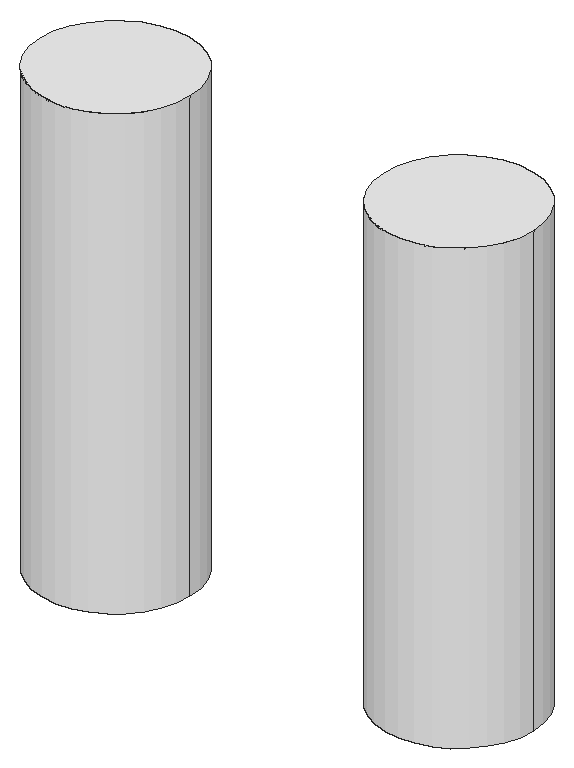
Revit family "54212209(2024)", category Plumbing Fixtures, Revit 2020
Family settings
  Round Connector Dimension = Use Diameter
  Part Type = Normal
  OmniClass Number = 23.45.55.00
  OmniClass Title = Sanitary Faucets, Wastes
  Work Plane-Based = No
  Always vertical = Yes
  Cut with Voids When Loaded = No
  Shared = No
  Room Calculation Point = No
Parameters (values of type "54212209 Kitchen faucet")
  Working Pressure = "50 - 1000 kPa"
  WarrantyStartDate [instance] = "n/a"
  WarrantyGuarantorParts = "n/a"
  WarrantyGuarantorLabor = "n/a"
  WarrantyDurationUnit = "Year"
  WarrantyDurationParts = "n/a"
  WarrantyDurationLabor = "n/a"
  WarrantyDescription = "http://warranty.hansa.com"
  Warranty Information URL = "http://warranty.hansa.com"
  VersionDate = "20/04/2024"
  Version = "1"
  ValvePattern = "n/a"
  ValveOperation = "n/a"
  ValveMechanism = "n/a"
  Uniclass2015Reference = "Pr_40_20_87_96"
  Uniclass2015Description = "Washbasin manual water supply sets"
  Uniclass2 = "Pr_40_30_96_96"
  URL WEEE = "http://static.hansa.com/WEEE/54212209"
  URL UWL = "http://static.hansa.com/UWL/54212209"
  URL REACH = "http://static.hansa.com/doc/reach"
  URL Materials Declaration = ""
  URL EcoLabel Declaration = "http://static.hansa.com/doc/EcoLabel"
  URL EU Packaging Declaration = "http://static.hansa.com/doc/packaging"
  URL Declaration of SCIP = "http://static.hansa.com/doc/SCIP"
  URL Declaration of Conformity = "http://static.hansa.com/DoC/54212209"
  URL Declaration of Asbestos = "http://static.hansa.com/doc/asbestos"
  URL Declaration Of Performance (DOP) = "http://static.hansa.com/doc/DoP"
  URL = ""
  UNSPSC Class Number = "30181700 Faucets or taps"
  Type = 0
  TestPressure = "n/a"
  Temperature Adjustments = "Limitation option for maximum temperature and flow-rate "
  Technical DataSheet URL = "http://www.hansa.com/datasheet/54212209/en"
  TagNumber [instance] = "n/a"
  SustainabilityPerformance = "n/a"
  Surface treatment = "Chrome"
  Spout Type = "Swivel spout"
  Spout Swivel Range = "120°"
  Spout Projection = "255 mm"
  Spare-Part Information URL = ""
  Size = "54x261.5x338 mm"
  Shape = "Sculptured"
  SerialNumber [instance] = "n/a"
  Sales Package dimensions (LxWxH) = "508 x 249 x 96"
  Revision = "n/a"
  ReplacementCost = "n/a"
  Protection Class = "IP 55"
  ProductInformation = "Kitchen faucet with high spout"
  Product URL = "http://static.hansa.com/54212209"
  Product Image URL = "http://static.hansa.com/image/54212209"
  Product Family = "HANSAVANTIS Style Hybrid"
  Product Code = "54212209"
  OperatingMechanismMaterial = "n/a"
  Operating Voltage = 2309 V
  Operating Distance = "0-30 mm ( 30/90/110/130 mm)"
  NominalWidth = 50 mm
  NominalHeight = 330 mm
  NominalDepth = 259 mm
  Noise Class = "I (ISO 3822)"
  Name_en = "54212209 Kitchen faucet"
  Name = "54212209 Kitchen faucet"
  NBSReference = "45-35-70/371"
  NBSDescription = "Water supply fittings for wash basins and troughs"
  Mounting Holes = ""
  ModelReference = "54212209"
  ModelNumber = "n/a"
  Model = "54212209 Kitchen faucet"
  Mobile Product Information URL = "http://mpi.hansa.com/54212209"
  Mechanical Parts = "30Cartridge"
  Max. Hot Water Supply = 70 °C
  Max Flow Period = "10 s (1-1800s)"
  Material = "Brass"
  Market = "International;Germany;Austria;Belgium;Netherlands;Czech Republic;Slovakia;Italy"
  ManufacturerURL = "http://www.hansa.com"
  ManufacturerName = "HANSA"
  Manufacturer = "HANSA"
  Lever Handle = "Single operating lever/handle;Hot/Cold symbols"
  Interactive AR View URL = "https://static.hansa.com/AR/54212209"
  InstallationDate [instance] = "n/a"
  Installation and Maintenance Guide URL = "http://static.hansa.com/manual/54212209"
  Installation Type = "Deck mounted"
  InletConnectionSize = 10 mm
  IfcExportType = "FAUCET"  # constant formula
  IfcExportAs = "IfcValveType"  # constant formula
  Group = "Kitchen faucet"
  Grade = "n/a"
  FlowCoefficient = 0
  Flow Rate At 300kPa With Flow Controller = 0.18 L/s
  Flow Rate At 300kPa = 0.0 L/s
  Flow Drawing URL = "http://static.hansa.com/flowchart/54212209"
  Finish = "Polished"
  Features = "Hybrid Hybrid;Plug transformer;Bluetooth®"
  FaucetMainMaterial = Chrome
  FDV Document URL = "http://www.hansa.com/datasheet/54212209/en/fdv"
  ExpectedLife = "n/a"
  Electronic Parts = "Solenoid valve;Power supply"
  Electrical Connection = ""
  ETIM Class Number = "EC011431 Kitchen mixing tap"
  EN Standard = "ETSI EN 301 489-1 V1.9.2 , \nETSI EN 300 328 v2.2.2 , \nEN 61000-6-1:2007 , \nEN 61000-6-3:2007+A1:2011+AC:2012 , \nEN 60335-1:2012+A11+A13+A1+A14+A2+A15:2021, Part 19.11.4"
  EMC Directive = "Radio Equipment Directive 2014/53/EU , \nLow Voltage Directive 2014/35/EU , \nEMC Directive 2014/30/EU , \nRoHS Directive 2011/65/EU"
  EAN Number = "4057304019890"
  DurationUnit = "Year"
  Dimension Drawing URL = "http://static.hansa.com/dimdrw/54212209"
  Description = ""
  DefaultElevation [instance] = 900 mm
  Default Elevation = 0 mm
  Constituents = "n/a"
  Connection Size = "G3/8"
  Connection = "Flexible inlet pipes"
  Color = "Chrome"
  CodePerformance = "n/a"
  CloseOffRating = 0
  Catalog Drawing URL = "http://static.hansa.com/catdrw/54212209"
  Brand = "HANSA"
  BodyMaterial = "Brass"
  Bluetooth = "5.x (D060576)"
  Barcode [instance] = "n/a"
  Backflow Prevention EN1717 = "EB"
  BIMObjectName = "54212209(2024)"
  Automatic Flush Period = "30 s (1-1800 s)"
  Automatic Flush Frequency = "30 s (1-1800 s)"
  Author = "BIMStone"
  AssetType = "Fixed"
  AssetIdentifier [instance] = "n/a"
  Aerator = "Standard aerator"
  Advanced Features = "Inner body made of DZR brass"
  AccessibilityPerformance = "n/a"
  3D View = "https://static.hansa.com/AR/54212209"
  2D/3D/BIM Files URL = "http://static.hansa.com/bim/54212209"
Types (3, lengths in mm): name | URL WEEE | URL UWL | URL Materials Declaration | URL Declaration of Conformity | Type | Technical DataSheet URL | Surface treatment | Spare-Part Information URL | Protection Class | Product URL | Product Image URL | Product Code | Operating Voltage | Name_en | Name | Mounting Holes | ModelReference | Model | Mobile Product Information URL | Mechanical Parts | Installation and Maintenance Guide URL | Flow Rate At 300kPa | Flow Drawing URL | Features | FaucetMainMaterial | FDV Document URL | Electronic Parts | Electrical Connection | EAN Number | Dimension Drawing URL | Color | Catalog Drawing URL | BIMObjectName
  54212209 Kitchen faucet | "http://static.hansa.com/WEEE/54212209" | "http://static.hansa.com/UWL/54212209" | "" | "http://static.hansa.com/DoC/54212209" | 0 | "http://www.hansa.com/datasheet/54212209/en" | "Chrome" | "" | "IP 55" | "http://static.hansa.com/54212209" | "http://static.hansa.com/image/54212209" | "54212209" | 2309 V | "54212209 Kitchen faucet" | "54212209 Kitchen faucet" | "" | "54212209" | "54212209 Kitchen faucet" | "http://mpi.hansa.com/54212209" | "30Cartridge" | "http://static.hansa.com/manual/54212209" | 0.0 L/s | "http://static.hansa.com/flowchart/54212209" | "Hybrid Hybrid;Plug transformer;Bluetooth®" | Chrome | "http://www.hansa.com/datasheet/54212209/en/fdv" | "Solenoid valve;Power supply" | "" | "4057304019890" | "http://static.hansa.com/dimdrw/54212209" | "Chrome" | "http://static.hansa.com/catdrw/54212209" | "54212209(2024)"
  5421220980 Kitchen faucet, 230/9 V, Bluetooth | "http://static.hansa.com/WEEE/5421220980" | "http://static.hansa.com/UWL/5421220980" | "http://www.hansa.com/fileadmin/resources/192987_5421220980_materialsdeclaration.pdf" | "http://static.hansa.com/DoC/5421220980" | 80 | "http://www.hansa.com/datasheet/5421220980/en" | "Brushed steel" | "http://static.hansa.com/sp/5421220980" | "IP 55 / transformer IP 20" | "http://static.hansa.com/5421220980" | "http://static.hansa.com/image/5421220980" | "5421220980" | 9 V | "5421220980 Kitchen faucet, 230/9 V, Bluetooth" | "5421220980 Kitchen faucet, 230/9 V, Bluetooth" | "1 hole" | "5421220980" | "5421220980 Kitchen faucet, 230/9 V, Bluetooth" | "http://mpi.hansa.com/5421220980" | "30EcoCartridge" | "http://static.hansa.com/manual/5421220980" | 0.18 L/s | "http://static.hansa.com/flowchart/5421220980" | "Hybrid;Plug transformer;Bluetooth®" | Brushed Steel | "http://www.hansa.com/datasheet/5421220980/en/fdv" | ";Solenoid valve;Power supply" | "230 / 9 V" | "4057304022142" | "http://static.hansa.com/dimdrw/5421220980" | "Brushed steel" | "http://static.hansa.com/catdrw/5421220980" | "5421220980(2024)"
  5421220981 Kitchen faucet, 230/9 V, Bluetooth | "http://static.hansa.com/WEEE/5421220981" | "http://static.hansa.com/UWL/5421220981" | "http://www.hansa.com/fileadmin/resources/192988_5421220981_materialsdeclaration.pdf" | "http://static.hansa.com/DoC/5421220981" | 81 | "http://www.hansa.com/datasheet/5421220981/en" | "BrushedBronze" | "http://static.hansa.com/sp/5421220981" | "IP 55 / transformer IP 20" | "http://static.hansa.com/5421220981" | "http://static.hansa.com/image/5421220981" | "5421220981" | 9 V | "5421220981 Kitchen faucet, 230/9 V, Bluetooth" | "5421220981 Kitchen faucet, 230/9 V, Bluetooth" | "1 hole" | "5421220981" | "5421220981 Kitchen faucet, 230/9 V, Bluetooth" | "http://mpi.hansa.com/5421220981" | "30EcoCartridge" | "http://static.hansa.com/manual/5421220981" | 0.18 L/s | "http://static.hansa.com/flowchart/5421220981" | "Hybrid;Plug transformer;Bluetooth®" | Brushed Bronze | "http://www.hansa.com/datasheet/5421220981/en/fdv" | ";Solenoid valve;Power supply" | "230 / 9 V" | "4057304022159" | "http://static.hansa.com/dimdrw/5421220981" | "BrushedBronze" | "http://static.hansa.com/catdrw/5421220981" | "5421220981(2024)"
Reference planes
  plane 1 "Center (Front/Back)": y = 0
  plane 2: z = 0
  plane 3 "Center (Left/Right)": x = 0
  plane 4: x = -25
  plane 5: z = 900
  plane 6: z = 870
  plane 7: x = 25
  plane 8: y = -259
  plane 9: z = 1230
  plane 10: x = 73.906
Forms (mm)
  Extrusion 1, solid, material "Chrome" <- "FaucetMainMaterial"
    sketch origin (0, 47.989, 0) x (1, 0, 0) y (0, 1, 0)
      loop
        circle (-11.5, -71.208) r 5
      loop
        circle (11.5, -71.208) r 5
    from 870 to 900
Dimensions and locks
  "DefaultElevation": plane 5 to level
  locked: plane 5 to plane 6 at 30
  equal spacing: plane 4, plane 3 "Center (Left/Right)", plane 7
  "NominalWidth": plane 4 to plane 7
  "NominalDepth": plane 8 to plane 1 "Center (Front/Back)"
  "NominalHeight": plane 9 to plane 5
  plane 4 to plane 10 = 98.906 mm
  "InletConnectionSize": diameter of Extrusion 1 sketch curve  (x2)
  aligned and locked: level to plane 2
  aligned and locked: plane 5 to Extrusion 1
  aligned and locked: Extrusion 1 to plane 6
  aligned and locked: plane 5 to nested 2
Automatic sketch dimensions
  plane 3 "Center (Left/Right)" to Extrusion 1 sketch curve = 11.5 mm
  Extrusion 1 sketch curve to plane 3 "Center (Left/Right)" = 11.5 mm
  plane 1 "Center (Front/Back)" to Extrusion 1 sketch curve = 23.219 mm  (x2)
Nested families
  nested 1: "Symbol" at (0, 0, 0), type "Symbol", detail levels coarse
  nested 2: "54212209_Body" at (0, 0, 900), Body <- "FaucetMainMaterial", Type <- "Type", type "54212209_Body"
    with Type81 no, Type80 no, Type0 yes, Type 0, Body Chrome
Connectors
  piping at (-11.5, -23.219, 870), diameter 10, driven by "InletConnectionSize"
    settings: on Extrusion 1, index 1, connector inside diameter 609.6 mm, connector length 0 mm, flow factor 0, pipe flow 0.0 L/s, pressure drop 0.0 Pa, fitting loss kfactor 0, connector angle 0.00°, fixture units 0, engagement length 0 mm, angle of deflection 0.00°, flow configuration 1, flow direction 1, fitting loss method 0, system type 19, joint type 0, gender type 0, connector reference index -1, connector utility 0, adjustable connector no, is connector primary yes, connector description ""
  piping at (11.5, -23.219, 870), diameter 10, driven by "InletConnectionSize"
    settings: on Extrusion 1, index 2, connector inside diameter 609.6 mm, connector length 0 mm, flow factor 0, pipe flow 0.0 L/s, pressure drop 0.0 Pa, fitting loss kfactor 0, connector angle 0.00°, fixture units 0, engagement length 0 mm, angle of deflection 0.00°, flow configuration 1, flow direction 1, fitting loss method 0, system type 20, joint type 0, gender type 0, connector reference index -1, connector utility 0, adjustable connector no, is connector primary no, connector description ""
Definition of nested family "Symbol"
  Reference planes
    plane 1: y = 0
    plane 2: x = 0
  Lines and regions (mm)
    detail lines
      curve 1: line (0, 0, 0) -> (0, -1.8, 0)
      curve 2: line (-0.4, -1.1, 0) -> (0.4, -1.1, 0)
      curve 3: line (-0.4, -1.4, 0) -> (0.4, -1.4, 0)
      curve 4: line (0.863, 0, 0) -> (-0.863, 0, 0)
      curve 5: circle (-1.163, 0, 0) r 0.3 normal (0, 0, -1)
      curve 6: circle (1.163, 0, 0) r 0.3 normal (0, 0, 1)
Definition of nested family "54212209_Body"
  Parameters (values of type "54212209_Body")
    Type81 [instance] = Type = 81  # no
    Type80 [instance] = Type = 80  # no
    Type0 [instance] = Type = 0  # yes
    Type [instance] = 0
    Default Elevation = 0 mm
    Body [instance] = none
  Reference planes
    plane 1 "Center (Front/Back)": y = 0
    plane 2: z = 0
    plane 3 "Center (Left/Right)": x = 0
    plane 4: y = -259.041
    plane 5: z = 329.978
    plane 6: x = 73.906
    plane 7: x = -25.016
    plane 8: x = 25.016
  Forms (mm)
    Revolve 1, solid, material <- "Body", detail levels medium
      sketch origin (0, -25.106, 0) x (1, 0, 0) y (0, 0, 1)
        loop
          line (0, 0) -> (0, 119.955) -> (0, 155.995) -> (-12.03, 155.995)
          arc (-12.03, 155.995) -> (-13.262, 151.035) -> (-15.793, 146.595) r 18.682
          arc (-15.793, 146.595) -> (-19.386, 139.881) -> (-20.627, 132.367) r 23.353
          line (-20.627, 132.367) -> (-20.627, 4.978) -> (-23.539, 4.978)
          arc (-23.539, 4.978) -> (-24.583, 4.546) -> (-25.016, 3.501) r 1.477
          line (-25.016, 3.501) -> (-25.016, 0) -> (-23.227, 0) -> (0, 0)
        axis (0, 155.995) -> (0, 0)
      angle from 0 to 360
    Sweep 2, solid, material <- "Body", detail levels medium
      path origin (0, 0, 0) x (0, 1, 0) y (0, 0, 1)
        loop
          line (-24.168, 155.995) -> (-24.168, 287.084)
          arc (-24.168, 287.084) -> (-33.329, 309.199) -> (-55.444, 318.36) r 31.276
          line (-55.444, 318.36) -> (-213.11, 318.36)
          arc (-213.11, 318.36) -> (-233.231, 311.333) -> (-244.604, 293.308) r 32.323
          line (-244.604, 293.308) -> (-247.493, 280.796)
      profile origin (0, -24.168, 221.54) x (0, -1, 0) y (1, 0, 0)
        loop
          circle (0.937, 0) r 12.03
    Extrusion 3, solid, material <- "Body", detail levels medium
      sketch origin (0, -1.875, 5.625) x (0, 1, 0) y (0, 0, 1)
        loop
          circle (-23.35, 63.254) r 20
      from 0 to 73.906
    Revolve 4, solid, material <- "Body", detail levels medium
      sketch origin (68.39, -1.875, 5.625) x (0, 1, 0) y (0, 0, 1)
        loop
          line (-63.264, 132.518) -> (-30.764, 76.226) -> (-26.236, 78.84) -> (-57.737, 133.4)
          arc (-57.737, 133.4) -> (-58.951, 134.332) -> (-60.467, 134.132) r 1.999
          line (-60.467, 134.132) -> (-63.264, 132.518)
        axis (-63.264, 132.518) -> (-30.764, 76.226)
      angle from 0 to 360
    Extrusion 5, solid, material <- "Body", detail levels coarse
      sketch origin (0, 0, 0) x (1, 0, 0) y (0, 1, 0)
        loop
          line (-25.016, 0) -> (-25.016, -259.041) -> (73.906, -259.041) -> (73.906, 0) -> (-25.016, 0)
      from 0 to 329.978
    Extrusion 6, solid, material <- "Body", detail levels medium
      sketch origin (0, 0, 0) x (1, 0, 0) y (0, 0, 1)
        loop
          line (-5.828, 113.626) -> (-5.828, 101.524)
          arc (-5.828, 101.524) -> (0, 95.697) -> (5.828, 101.524) r 5.828
          line (5.828, 101.524) -> (5.828, 113.626)
          arc (5.828, 113.626) -> (0, 119.453) -> (-5.828, 113.626) r 5.828
      from 42.807 to 45.958
    Extrusion 7, void
      sketch origin (0, 0, 0) x (1, 0, 0) y (0, 0, 1)
        loop
          line (-5.828, 113.626) -> (-5.828, 101.524)
          arc (-5.828, 101.524) -> (0, 95.697) -> (5.828, 101.524) r 5.828
          line (5.828, 101.524) -> (5.828, 113.626)
          arc (5.828, 113.626) -> (0, 119.453) -> (-5.828, 113.626) r 5.828
      from 42.807 to 45.958
  Cuts and joins
    Extrusion 7 cuts Revolve 1
    joined: Revolve 1, Sweep 2, Extrusion 3, Revolve 4
  Lines and regions (mm)
    symbolic lines, detail levels medium+fine
      curve 1: line (0, 0, 0) -> (-25.016, 0, 0)
      curve 2: line (-11.88, 0, 318.671) -> (-11.88, 0, 156.039)
      curve 3: arc (0, 0, 329.964) -> (-8.363, 0, 326.867) -> (-11.88, 0, 318.671) r 11.307
      curve 4: line (0, 0, 0) -> (25.016, 0, 0)
      curve 5: line (11.88, 0, 318.671) -> (11.88, 0, 156.039)
      curve 6: arc (0, 0, 329.964) -> (8.363, 0, 326.867) -> (11.88, 0, 318.671) r 11.307
      curve 7: line (41.194, 0, 47.358) -> (27.225, 0, 47.358)
      curve 8: line (41.194, 0, 47.358) -> (41.194, 0, 48.505)
      curve 9: line (41.194, 0, 89.354) -> (26.3, 0, 89.354)
      curve 10: line (41.194, 0, 48.505) -> (43.515, 0, 49.171)
      curve 11: arc (43.515, 0, 49.171) -> (45.054, 0, 49.727) -> (46.503, 0, 50.486) r 12.11
      curve 13: line (72.352, 0, 47.387) -> (49.555, 0, 47.387)
      curve 14: arc (49.555, 0, 47.387) -> (48.783, 0, 47.572) -> (48.179, 0, 48.085) r 1.706
      curve 15: arc (48.179, 0, 48.085) -> (47.327, 0, 49.276) -> (46.503, 0, 50.486) r 63.042
      curve 16: arc (73.906, 0, 49.028) -> (73.482, 0, 47.873) -> (72.352, 0, 47.387) r 1.556
      curve 17: line (73.906, 0, 49.028) -> (73.906, 0, 135.708)
      curve 18: arc (73.906, 0, 135.708) -> (73.209, 0, 137.835) -> (71.387, 0, 139.135) r 3.591
      curve 19: arc (71.387, 0, 139.135) -> (68.253, 0, 139.524) -> (65.183, 0, 138.788) r 8.849
      curve 20: arc (65.183, 0, 138.788) -> (63.79, 0, 137.527) -> (63.431, 0, 135.683) r 2.975
      curve 21: line (63.431, 0, 135.683) -> (62.93, 0, 91.848)
      curve 22: line (43.166, 0, 89.375) -> (61.286, 0, 89.375)
      curve 23: arc (62.93, 0, 91.848) -> (62.871, 0, 91.088) -> (62.715, 0, 90.342) r 5.846
      curve 24: arc (62.715, 0, 90.342) -> (62.178, 0, 89.596) -> (61.286, 0, 89.375) r 1.334
      curve 25: line (43.166, 0, 89.375) -> (43.166, 0, 87.583)
      curve 28: line (43.166, 0, 87.583) -> (41.194, 0, 88.149)
      curve 29: line (41.194, 0, 88.149) -> (41.194, 0, 89.354)
      curve 32: arc (-11.579, -248.462, 0) -> (-8.121, -256.304, 0) -> (0, -259.041, 0) r 10.623
      curve 36: arc (11.579, -248.462, 0) -> (8.121, -256.304, 0) -> (0, -259.041, 0) r 10.623
      curve 39: line (41.2, -45.948, 0) -> (15.824, -45.948, 0)
      curve 41: line (41.2, -44.788, 0) -> (41.2, -45.948, 0)
      curve 42: line (43.192, -44.217, 0) -> (41.2, -44.788, 0)
      curve 43: line (43.192, -44.217, 0) -> (43.192, -45.522, 0)
      curve 44: arc (43.192, -45.522, 0) -> (43.316, -45.823, 0) -> (43.618, -45.947, 0) r 0.426
      curve 45: line (43.618, -45.947, 0) -> (63.077, -45.947, 0)
      curve 46: line (63.077, -45.947, 0) -> (63.393, -64.049, 0)
      curve 47: arc (63.393, -64.049, 0) -> (64.453, -66.968, 0) -> (67.082, -68.62, 0) r 4.781
      curve 48: arc (67.082, -68.62, 0) -> (71.491, -67.817, 0) -> (73.906, -64.042, 0) r 5.613
      curve 49: line (73.906, -64.042, 0) -> (73.906, -5.344, 0)
      curve 50: arc (73.906, -5.344, 0) -> (73.506, -4.376, 0) -> (72.538, -3.975, 0) r 1.368
      curve 51: line (72.538, -3.975, 0) -> (46.729, -3.975, 0)
      curve 52: arc (46.729, -3.975, 0) -> (46.155, -4.075, 0) -> (45.647, -4.361, 0) r 1.71
      curve 53: arc (45.647, -4.361, 0) -> (44.77, -5.137, 0) -> (43.956, -5.979, 0) r 14.938
      curve 54: line (41.2, -5.16, 0) -> (42.717, -5.538, 0)
      curve 55: arc (42.717, -5.538, 0) -> (43.348, -5.729, 0) -> (43.956, -5.979, 0) r 6.786
      curve 56: line (41.2, -5.16, 0) -> (41.2, -4.257, 0)
      curve 57: arc (41.2, -4.257, 0) -> (41.113, -4.047, 0) -> (40.902, -3.96, 0) r 0.298
      curve 58: line (40.902, -3.96, 0) -> (15.902, -3.96, 0)
      curve 65: line (0, 0, 0) -> (0, -50, 0)
      curve 66: line (0, -50, 0) -> (0, -50, 3.395)
      curve 67: line (0, -45.958, 4.978) -> (0, -48.458, 4.978)
      curve 68: arc (0, -48.458, 4.978) -> (0, -49.563, 4.512) -> (0, -50, 3.395) r 1.542
      curve 69: line (0, -45.958, 4.978) -> (0, -45.958, 93.762)
      curve 71: line (0, -45.958, 115.126) -> (0, -45.958, 128.827)
      curve 72: line (0, -45.958, 115.126) -> (0, -59.196, 138.054)
      curve 73: line (0, -45.958, 93.762) -> (0, -68.502, 133.164)
      curve 74: line (0, -62.19, 139.108) -> (0, -67.777, 135.883)
      curve 75: arc (0, -59.196, 138.054) -> (0, -60.451, 139.27) -> (0, -62.19, 139.108) r 2.09
      curve 76: arc (0, -67.777, 135.883) -> (0, -68.703, 134.674) -> (0, -68.502, 133.164) r 1.987
      curve 77: arc (0, -45.958, 128.827) -> (0, -44.433, 138.219) -> (0, -40.015, 146.646) r 29.684
      curve 78: arc (0, -40.015, 146.646) -> (0, -37.703, 151.087) -> (0, -36.945, 156.036) r 15.338
      curve 79: line (0, -36.945, 156.036) -> (0, -36.945, 287.447)
      curve 80: arc (0, -36.945, 287.447) -> (0, -42.352, 300.5) -> (0, -55.406, 305.907) r 18.461
      curve 81: line (0, -55.406, 305.907) -> (0, -214.795, 305.907)
      curve 82: arc (0, -214.795, 305.907) -> (0, -226.736, 301.515) -> (0, -232.984, 290.431) r 18.427
      curve 83: line (0, -232.984, 290.431) -> (0, -235.84, 278.061)
      curve 84: line (0, -235.84, 278.061) -> (0, -259.041, 283.417)
      curve 85: line (0, -256.259, 296.173) -> (0, -259.041, 284.119)
      curve 86: arc (0, -259.041, 284.119) -> (0, -259.081, 283.768) -> (0, -259.041, 283.417) r 1.561
      curve 87: arc (0, -213.582, 329.978) -> (0, -240.842, 320.551) -> (0, -256.259, 296.173) r 43.617
      curve 88: line (0, -213.582, 329.978) -> (0, -55.72, 329.978)
      curve 89: arc (0, -55.72, 329.978) -> (0, -25.509, 317.464) -> (0, -12.995, 287.253) r 42.725
      curve 90: line (0, -12.995, 287.253) -> (0, -12.995, 155.857)
      curve 91: arc (0, -12.995, 155.857) -> (0, -12.176, 150.915) -> (0, -9.806, 146.501) r 15.32
      curve 92: arc (0, -9.806, 146.501) -> (0, -5.345, 138.078) -> (0, -3.947, 128.65) r 28.182
      curve 93: line (0, -3.947, 128.65) -> (0, -3.947, 4.978)
      curve 94: line (0, -3.947, 4.978) -> (0, -1.363, 4.978)
      curve 95: arc (0, -1.363, 4.978) -> (0, -0.358, 4.537) -> (0, 0, 3.5) r 1.368
      curve 96: line (0, 0, 3.5) -> (0, 0, 0)
      curve 100: line (25.016, 0, 0) -> (25.016, 0, 3.474)
      curve 101: line (21.3, 0, 4.978) -> (23.659, 0, 4.978)
      curve 102: arc (23.659, 0, 4.978) -> (24.672, 0, 4.527) -> (25.016, 0, 3.474) r 1.364
      curve 103: line (-25.016, 0, 0) -> (-25.016, 0, 3.639)
      curve 104: line (-20.627, 0, 4.978) -> (-23.5, 0, 4.978)
      curve 105: arc (-23.5, 0, 4.978) -> (-24.511, 0, 4.595) -> (-25.016, 0, 3.639) r 1.527
      curve 106: line (-20.627, 0, 4.978) -> (-20.627, 0, 128.799)
      curve 107: arc (-20.627, 0, 128.799) -> (-19.142, 0, 138.762) -> (-14.815, 0, 147.859) r 34.16
      curve 108: arc (-14.815, 0, 147.859) -> (-12.839, 0, 151.767) -> (-11.88, 0, 156.039) r 17.74
      curve 109: line (21.3, 0, 4.978) -> (21.3, 0, 41.433)
      curve 110: arc (27.225, 0, 47.358) -> (23.035, 0, 45.623) -> (21.3, 0, 41.433) r 5.925
      curve 111: line (21.3, 0, 94.354) -> (21.3, 0, 129.354)
      curve 112: arc (21.3, 0, 94.354) -> (22.764, 0, 90.819) -> (26.3, 0, 89.354) r 5
      curve 113: arc (21.3, 0, 129.354) -> (19.722, 0, 138.734) -> (15.163, 0, 147.083) r 28.675
      curve 114: arc (15.163, 0, 147.083) -> (12.81, 0, 151.3) -> (11.88, 0, 156.039) r 15.386
      curve 123: arc (15.902, -3.96, 0) -> (13.914, -3.765, 0) -> (12.001, -3.188, 0) r 10.25
      curve 124: arc (15.824, -45.948, 0) -> (14.232, -46.132, 0) -> (12.724, -46.675, 0) r 6.974
      curve 125: line (-11.579, -47.19, 0) -> (-11.579, -248.462, 0)
      curve 126: arc (11.579, -47.312, 0) -> (12.155, -47.001, 0) -> (12.724, -46.675, 0) r 25.016
      curve 127: line (11.579, -47.312, 0) -> (11.579, -248.462, 0)
      curve 129: arc (12.001, -3.067, 0) -> (-22.063, -13.225, 0) -> (-11.579, -47.19, 0) r 25.016
    symbolic lines, detail levels fine
      curve 12: line (41.194, 0, 48.505) -> (41.194, 0, 88.149)
      curve 26: arc (43.166, 0, 59.375) -> (43.314, 0, 57.928) -> (43.752, 0, 56.542) r 7.131
      curve 27: arc (43.752, 0, 56.542) -> (45.101, 0, 53.502) -> (46.503, 0, 50.486) r 186.065
      curve 30: line (43.166, 0, 87.583) -> (43.166, 0, 59.375)
      curve 31: line (-11.579, -43.321, 0) -> (-11.579, -47.19, 0)
      curve 33: line (-11.579, -43.321, 0) -> (-11.579, -23.321, 0)
      curve 34: arc (-11.579, -23.321, 0) -> (-8.185, -15.148, 0) -> (0, -11.782, 0) r 11.539
      curve 35: line (11.579, -43.321, 0) -> (11.579, -44.492, 0)
      curve 37: line (11.579, -43.321, 0) -> (11.579, -23.321, 0)
      curve 38: arc (11.579, -23.321, 0) -> (8.185, -15.148, 0) -> (0, -11.782, 0) r 11.539
      curve 40: line (11.579, -44.492, 0) -> (11.579, -47.312, 0)
      curve 59: line (41.2, -5.16, 0) -> (41.2, -44.788, 0)
      curve 60: line (63.077, -45.947, 0) -> (62.942, -38.181, 0)
      curve 61: arc (62.942, -38.181, 0) -> (63.837, -35.378, 0) -> (66.251, -33.696, 0) r 4.586
      curve 62: arc (66.251, -33.696, 0) -> (70.938, -34.207, 0) -> (73.906, -37.87, 0) r 6.192
      curve 63: line (43.192, -44.217, 0) -> (43.192, -7.885, 0)
      curve 64: arc (43.192, -7.885, 0) -> (43.39, -6.858, 0) -> (43.956, -5.979, 0) r 2.759
      curve 70: line (0, -45.958, 93.762) -> (0, -45.958, 115.126)
      curve 97: line (0, -3.947, 4.978) -> (0, -45.958, 4.978)
      curve 98: line (0, -234.796, 282.585) -> (0, -258.151, 287.977)
      curve 99: spline (11.88, 0, 280.681) -> (11.475, 0, 281.427) -> (10.289, 0, 282.122) -> (8.401, 0, 282.719) -> (5.94, 0, 283.177) -> (3.075, 0, 283.465) -> (0, 0, 283.563) -> (-3.075, 0, 283.465) -> (-5.94, 0, 283.177) -> (-8.401, 0, 282.719) -> (-10.289, 0, 282.122) -> (-11.475, 0, 281.427) -> (-11.88, 0, 280.681) -> (-11.475, 0, 279.935) -> (-10.289, 0, 279.24) -> (-8.401, 0, 278.643) -> (-5.94, 0, 278.184) -> (-3.075, 0, 277.897) -> (0, 0, 277.798) -> (3.075, 0, 277.897) -> (5.94, 0, 278.184) -> (8.401, 0, 278.643) -> (10.289, 0, 279.24) -> (11.475, 0, 279.935) -> (11.88, 0, 280.681)
      curve 115: arc (-11.235, 0, 286.188) -> (-5.742, 0, 287.963) -> (0, 0, 288.563) r 27.754
      curve 116: arc (-11.88, 0, 285.187) -> (-11.707, 0, 285.784) -> (-11.235, 0, 286.188) r 1.084
      curve 117: arc (11.235, 0, 286.188) -> (5.742, 0, 287.963) -> (0, 0, 288.563) r 27.754
      curve 118: arc (11.88, 0, 285.187) -> (11.707, 0, 285.784) -> (11.235, 0, 286.188) r 1.084
      curve 119: line (-20.627, 0, 4.978) -> (21.3, 0, 4.978)
      curve 120: line (22.764, 0, 90.819) -> (6.309, 0, 74.363)
      curve 121: line (23.035, 0, 45.623) -> (6.309, 0, 62.349)
      curve 122: arc (6.309, 0, 74.363) -> (3.821, 0, 68.356) -> (6.309, 0, 62.349) r 8.495
      curve 128: arc (12.724, -46.675, 0) -> (25.012, -24.721, 0) -> (12.001, -3.188, 0) r 25.016
      curve 130: line (-5.828, 0, 113.626) -> (-5.828, 0, 101.524)
      curve 131: line (5.828, 0, 113.626) -> (5.828, 0, 101.524)
      curve 132: arc (5.828, 0, 113.626) -> (0, 0, 119.453) -> (-5.828, 0, 113.626) r 5.828
      curve 133: arc (-5.828, 0, 101.524) -> (0, 0, 95.697) -> (5.828, 0, 101.524) r 5.828
  Dimensions and locks
    aligned and locked: level to plane 2
